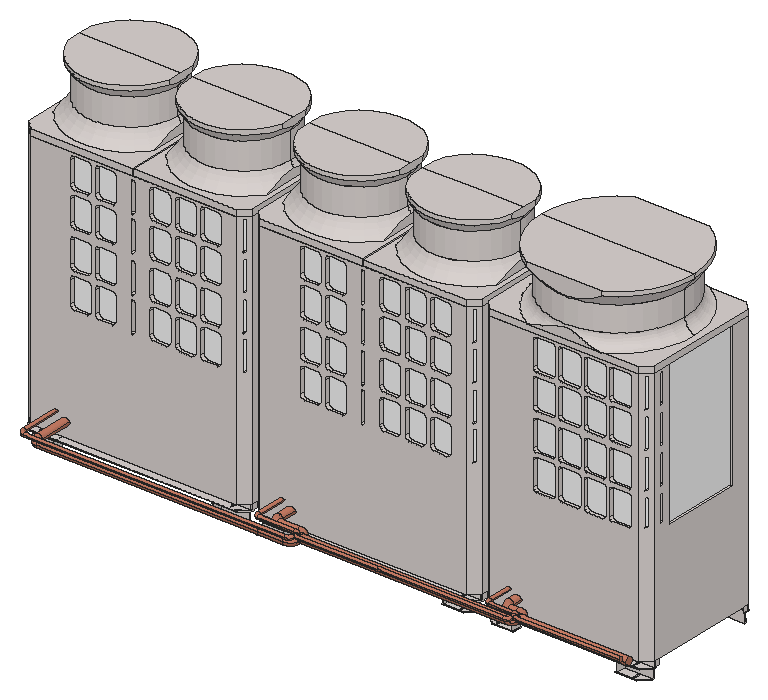
Revit family "PUHY-P950YSNW-A1", category Mechanical Equipment, Revit 2016
Family settings
  Part Type = Normal
  Round Connector Dimension = Use Radius
  OmniClass Number = 23.75.00.00
  OmniClass Title = Climate Control (HVAC)
  Work Plane-Based = No
  Always vertical = Yes
  Cut with Voids When Loaded = No
  Shared = No
  Room Calculation Point = No
Parameters (values of type "PUHY-P950YSNW-A1_380V_50Hz")
  Model = "PUHY-P950YSNW-A1"
  Width = 3460.000 mm
  WarrantyStart = ""
  Voltage = 380 V
  Unit Weight (kg) = 767
  URL = "http://www.mitsubishielectric.com/"
  Temp. range of heating (Outdoor temp.) (W.B.) = "-20.0 to 15.5"
  Temp. range of heating (Indoor temp.) (D.B.) = "15.0 to 27.0"
  Temp. range of cooling (Outdoor temp.) (D.B.) = "-5.0 to 52.0"
  Temp. range of cooling (Indoor temp.) (W.B.) = "15.0 to 24.0"
  TagNumber = 0
  Subcategory = "HVAC"
  Space View = yes
  Sound Pressure Level (dB(A)) Heating mode = 68
  Sound Pressure Level (dB(A)) Cooling mode = 66
  SerialNumber = 0
  ReplacementYear = ""
  Refrigerant type = "R410A"
  Refrigerant Charge (kg) = 26.1
  Protection Devices_Inverter circuit (COMP./FAN) = "Over-current protection"
  Protection Devices_High pressure (MPa) = "High pressure sensor, High pressure switch at 4.15"
  Phase = 3
  Manufacturer = "Mitsubishi Electric Corporation"
  Outdoor unit 3 Breaker size (A) = 30
  Outdoor unit 3 = PUHY-P250YNW-A1 : PUHY-P250YNW-A1
  Outdoor unit 2 Breaker size (A) = 40
  Outdoor unit 2 = PUHY-P350YNW-A1 : PUHY-P350YNW-A1
  Outdoor unit 1 Breaker size (A) = 40
  Outdoor unit 1 = PUHY-P350YNW-A1 : PUHY-P350YNW-A1
  Note_1 = "Refrigerant pipe diameters may change depending on the installation condition. Please refer to the installation manual."
  Maximum Circuit Ampacity (A) = 70.6
  Liquid pipe_radius = 9.525 mm
  InstallationDate = ""
  Indoor Unit Total Capacity = "50 to 130% of outdoor unit capacity"
  Indoor Unit Model/Quantity = "P10 to P250/2 to 50"
  Hertz = 50 Hz
  Height = 1858.000 mm
  Heating SCOP (kW/kW) = 4.09
  Heating Rated Load Ampacity (A) = 47.9
  Heating Power Input (kW) = 28.38
  Heating Power Input (Nominal) (kW) = 24.1
  Heating Current Input (Nominal) (A) = 40.6
  Heating Current Input (A) = 47.9
  Heating Capacity (kW) = 119.5
  Heating Capacity (Nominal) (kW) = 108
  Heating COP (kW/kW) = 4.21
  Heating COP (Nominal) (kW/kW) = 4.48
  Gas pipe_radius = 20.640 mm
  Fan_Type = "Propeller Fan"
  Fan_Quantity = 5
  Fan Motor Output (kW) = 2.76
  External static pressure (Pa) = 0
  External Finish = "Pre-coated galvanized steel sheets (+powder coating for -BS type) <MUNSELL 3Y 7.8/1.1 or similar>"
  Equip_description = ""
  Equip_No. = 0
  Equip_ID = ""
  Description = ""
  Depth = 740.000 mm
  CreatedOn = ""
  CreatedBy = ""
  Cooling SEER (kW/kW) = 6.72
  Cooling Rated Load Ampacity (A) = 50.6
  Cooling Power Input (kW) = 30
  Cooling EER (kW/kW) = 3.6
  Cooling Current Input (A) = 50.6
  Cooling Capacity (kW) = 108
  Compressor_Type = "Inverter scroll hermetic compressor"
  Compressor_Quantity = 3
  Compressor_Lubricant = "MEL32"
  Compressor Motor Output (kW) = 22.5
  Category = ""
  Barcode = ""
  AssetIdentifier = ""
  Airflow Rate (m3/min) = 725
  Airflow Rate (m3/h) = 43500
Reference planes
  plane 1 "Center (Front/Back)": y = 0
  plane 2: z = 0
  plane 3 "Center (Left/Right)": x = -160
  plane 4: z = 1710
  plane 5: z = 60
  plane 6: y = 370
  plane 7 "front": y = -370
  plane 8: x = -1890
  plane 9: x = 1570
  plane 10: x = -620
  plane 11: x = 620
  plane 12: x = -650
  plane 13: x = 650
  plane 14: y = 370
  plane 15: y = -370
  plane 16: z = 1858
Forms (mm)
  Sweep 1, solid, material "Copper"
    path origin (137.855, 17.925, 207.255) x (0, -1, 0) y (1, 0, 0)
      loop
        line (380, -1839.039) -> (605, -1839.039)
        arc (605, -1839.039) -> (626.213, -1830.253) -> (635, -1809.039) r 30
        line (635, -1809.039) -> (635, -368.337)
        arc (635, -368.337) -> (629.142, -354.195) -> (615, -348.337) r 20
        line (615, -348.337) -> (590, -348.337)
        arc (590, -348.337) -> (575.858, -354.195) -> (570, -368.337) r 20
        line (570, -368.337) -> (570, -568.337)
        arc (570, -568.337) -> (564.142, -582.479) -> (550, -588.337) r 20
        line (550, -588.337) -> (380, -588.337)
    profile origin (-1701.184, -474.575, 207.255) x (1, 0, 0) y (0, 0, 1)
      loop
        circle (0, 0) r 9.525
  Sweep 2, solid, material "Copper"
    path origin (111.295, 17.925, 173.255) x (-1, 0, 0) y (0, -1, 0)
      loop
        line (1758.141, 380) -> (1758.141, 575)
        arc (1758.141, 575) -> (1747.889, 599.749) -> (1723.141, 610) r 35
        line (1723.141, 610) -> (502, 610) -> (364.723, 610)
        arc (364.723, 610) -> (339.974, 599.749) -> (329.723, 575) r 35
        line (329.723, 575) -> (329.723, 545)
        arc (329.723, 545) -> (339.974, 520.251) -> (364.723, 510) r 35
        line (364.723, 510) -> (475.673, 510)
        arc (475.673, 510) -> (500.421, 499.749) -> (510.673, 475) r 35
        line (510.673, 475) -> (510.673, 380)
    profile origin (-1646.846, -459.575, 173.255) x (1, 0, 0) y (0, 0, 1)
      loop
        circle (0, 0) r 20.64
  Sweep 3, solid, material "Copper"
    path origin (214.685, 17.925, 207.255) x (0, -1, 0) y (1, 0, 0)
      loop
        line (605, -426.689) -> (605, 43.311) -> (605, 737.327)
        arc (605, 737.327) -> (599.142, 751.469) -> (585, 757.327) r 20
        line (585, 757.327) -> (560.96, 757.327)
        arc (560.96, 757.327) -> (546.818, 751.469) -> (540.96, 737.327) r 20
        line (540.96, 737.327) -> (540.96, 607.327)
        arc (540.96, 607.327) -> (535.102, 593.185) -> (520.96, 587.327) r 20
        line (520.96, 587.327) -> (380, 587.327)
    profile origin (22.996, -587.075, 207.255) x (0, 1, 0) y (0, 0, 1)
      loop
        circle (0, 0) r 9.525
  Sweep 4, solid, material "Copper"
    path origin (188.125, 17.925, 173.255) x (-1, 0, 0) y (0, -1, 0)
      loop
        line (406.853, 555.96) -> (-741.149, 555.96)
        arc (-741.149, 555.96) -> (-765.897, 545.709) -> (-776.149, 520.96) r 35
        line (-776.149, 520.96) -> (-776.149, 510)
        arc (-776.149, 510) -> (-765.897, 485.251) -> (-741.149, 475) r 35
        line (-741.149, 475) -> (-696.149, 475)
        arc (-696.149, 475) -> (-671.4, 464.749) -> (-661.149, 440) r 35
        line (-661.149, 440) -> (-661.149, 380)
    profile origin (355.273, -538.035, 173.255) x (0, 1, 0) y (0, 0, 1)
      loop
        circle (0, 0) r 20.64
  Sweep 5, solid, material "Copper"
    path origin (114.685, 17.925, 207.255) x (0, -1, 0) y (1, 0, 0)
      loop
        line (572.806, 865.315) -> (572.806, 1455.315)
    profile origin (1275, -554.881, 207.255) x (0, 1, 0) y (0, 0, 1)
      loop
        circle (0, 0) r 9.525
  Sweep 6, solid, material "Copper"
    path origin (88.125, 17.925, 173.255) x (-1, 0, 0) y (0, -1, 0)
      loop
        line (-886.875, 515.995) -> (-1481.875, 515.995)
    profile origin (1272.5, -498.07, 173.255) x (0, 1, 0) y (0, 0, 1)
      loop
        circle (0, 0) r 20.64
Dimensions and locks
  nested 2 to nested 1 = 30.000 mm
  nested 1 to nested 3 = 30.000 mm
  nested 1 to nested 1 = 1240.000 mm
  nested 2 to nested 2 = 1240.000 mm
  nested 3 to nested 3 = 920.000 mm
  "Liquid pipe_radius": radius of Sweep 5 sketch curve
  "Gas pipe_radius": radius of Sweep 6 sketch curve
  aligned and locked: level to plane 2
Automatic sketch dimensions
  Sweep 1 sketch curve to plane 7 "front" = 7.925 mm  (x2)
  plane 7 "front" to Sweep 1 sketch curve = 162.075 mm
  Sweep 1 sketch curve to plane 3 "Center (Left/Right)" = 70.482 mm
  Sweep 1 sketch curve to Sweep 1 sketch curve = 20.000 mm
  Sweep 1 sketch curve to plane 3 "Center (Left/Right)" = 50.482 mm
  plane 7 "front" to Sweep 1 sketch curve = 217.075 mm
  Sweep 1 sketch curve to Sweep 1 sketch curve = 25.000 mm
  Sweep 1 sketch curve to Sweep 1 sketch curve = 30.000 mm
  Sweep 1 sketch curve to plane 3 "Center (Left/Right)" = 270.482 mm
  profile plane to Sweep 1 sketch curve = 0.000 mm
  Sweep 1 sketch curve to profile plane = 0.000 mm
  Sweep 2 sketch curve to plane 3 "Center (Left/Right)" = 58.427 mm
  Sweep 2 sketch curve to plane 3 "Center (Left/Right)" = 93.427 mm  (x2)
  Sweep 2 sketch curve to plane 3 "Center (Left/Right)" = 204.377 mm
  Sweep 2 sketch curve to plane 3 "Center (Left/Right)" = 230.705 mm
  Sweep 2 sketch curve to Sweep 2 sketch curve = 35.000 mm  (x2)
  plane 7 "front" to Sweep 2 sketch curve = 222.075 mm
  Sweep 2 sketch curve to Sweep 2 sketch curve = 30.000 mm
  Sweep 2 sketch curve to plane 7 "front" = 7.925 mm  (x2)
  profile plane to Sweep 2 sketch curve = 0.000 mm
  Sweep 2 sketch curve to profile plane = 0.000 mm
  Sweep 3 sketch curve to profile plane = 0.000 mm  (x2)
  plane 7 "front" to Sweep 4 sketch curve = 122.075 mm
  plane 7 "front" to Sweep 4 sketch curve = 87.075 mm
  Sweep 4 sketch curve to Sweep 4 sketch curve = 0.000 mm
  Sweep 4 sketch curve to Sweep 4 sketch curve = 45.000 mm
  plane 7 "front" to Sweep 4 sketch curve = 52.075 mm
  Sweep 4 sketch curve to plane 3 "Center (Left/Right)" = 58.728 mm
  Sweep 4 sketch curve to Sweep 4 sketch curve = 60.000 mm
  Sweep 4 sketch curve to Sweep 4 sketch curve = 10.960 mm
  Sweep 4 sketch curve to profile plane = 0.000 mm  (x2)
  Sweep 3 sketch curve to plane 7 "front" = 7.925 mm
  plane 7 "front" to Sweep 3 sketch curve = 133.035 mm
  Sweep 3 sketch curve to Sweep 3 sketch curve = 20.000 mm  (x2)
  Sweep 3 sketch curve to Sweep 3 sketch curve = 24.040 mm
  plane 7 "front" to Sweep 3 sketch curve = 217.075 mm
  Sweep 3 sketch curve to plane 3 "Center (Left/Right)" = 52.004 mm
  Sweep 3 sketch curve to Sweep 3 sketch curve = 470.000 mm
  Sweep 3 sketch curve to Sweep 3 sketch curve = 544.016 mm
  Sweep 3 sketch curve to Sweep 3 sketch curve = 130.000 mm
  Sweep 1 sketch curve to Sweep 1 sketch curve = 1220.702 mm
  Sweep 2 sketch curve to Sweep 2 sketch curve = 1212.468 mm
  Sweep 4 sketch curve to Sweep 4 sketch curve = 1068.002 mm
  Sweep 5 sketch curve to plane 9 = 0.000 mm
  plane 7 "front" to Sweep 5 sketch curve = 184.881 mm
  plane 13 to Sweep 5 sketch curve = 330.000 mm
  Sweep 6 sketch curve to plane 9 = 0.000 mm
  plane 7 "front" to Sweep 6 sketch curve = 128.070 mm
  plane 13 to Sweep 6 sketch curve = 325.000 mm
  Sweep 5 sketch curve to profile plane = 0.000 mm  (x2)
  Sweep 6 sketch curve to profile plane = 0.000 mm  (x2)
  radius of Sweep 1 sketch curve = 9.525 mm
  radius of Sweep 2 sketch curve = 20.640 mm
  radius of Sweep 3 sketch curve = 9.525 mm
  radius of Sweep 4 sketch curve = 20.640 mm
Nested families
  nested 1: "PUHY-P350YNW-A1" at (0, 0, 0), type <- "Outdoor unit 2", type "PUHY-P350YNW-A1"
  nested 2: "PUHY-P350YNW-A1" at (-1270, 0, 0), type <- "Outdoor unit 1", type "PUHY-P350YNW-A1"
  nested 3: "PUHY-P250YNW-A1" at (1110, 0, 0), type <- "Outdoor unit 3", type "PUHY-P250YNW-A1"
Connectors
  piping at (1570, -498.07, 173.255), diameter 41.28, driven by "Gas pipe_radius"
    settings: on Sweep 6, index 1, connector inside diameter 41.28 mm, connector length 0.000 mm, flow factor 0, pipe flow 0.0 L/s, pressure drop 0.0 Pa, fitting loss kfactor 0, connector angle 0.00°, fixture units 0, engagement length 0.000 mm, angle of deflection 0.00°, flow configuration 0, flow direction 0, fitting loss method 0, system type 22, joint type 0, gender type 0, connector reference index -1, connector utility 0, adjustable connector no, is connector primary yes, connector description "Indoor unit-Twinning pipe(Gas)"
  piping at (1570, -554.881, 207.255), diameter 19.05, driven by "Liquid pipe_radius"
    settings: on Sweep 5, index 2, connector inside diameter 19.05 mm, connector length 0.000 mm, flow factor 0, pipe flow 0.0 L/s, pressure drop 0.0 Pa, fitting loss kfactor 0, connector angle 0.00°, fixture units 0, engagement length 0.000 mm, angle of deflection 0.00°, flow configuration 0, flow direction 0, fitting loss method 0, system type 22, joint type 0, gender type 0, connector reference index -1, connector utility 0, adjustable connector no, is connector primary no, connector description "Indoor unit-Twinning pipe(Liquid)"
  electrical at (992, -370, 279), driven by "Phase", driven by "Voltage"
    settings: index 3, voltage 380 V, apparent load 0 VA, apparent load phase1 0 VA, apparent load phase2 0 VA, apparent load phase3 0 VA, power factor 1, load classification "HVAC", number of poles 3, system type 30, power factor state 1, is connector primary yes, connector utility no, sub classification motor no, connector description ""
  electrical at (-258, -370, 279), driven by "Phase", driven by "Voltage"
    settings: index 4, voltage 380 V, apparent load 0 VA, apparent load phase1 0 VA, apparent load phase2 0 VA, apparent load phase3 0 VA, power factor 1, load classification "HVAC", number of poles 3, system type 30, power factor state 1, is connector primary no, connector utility no, sub classification motor no, connector description ""
  electrical at (-1508, -370, 279), driven by "Phase", driven by "Voltage"
    settings: index 5, voltage 380 V, apparent load 0 VA, apparent load phase1 0 VA, apparent load phase2 0 VA, apparent load phase3 0 VA, power factor 1, load classification "HVAC", number of poles 3, system type 30, power factor state 1, is connector primary no, connector utility no, sub classification motor no, connector description ""
Definition of nested family "PUHY-P350YNW-A1"
  Parameters
    Model = "PUHY-P350YNW-A"
    URL = "http://www.mitsubishielectric.com/"
    Manufacturer = "Mitsubishi Electric Corporation"
    Liquid pipe_radius = 12.700 mm
    Gas pipe_radius = 14.290 mm
  Reference planes
    plane 1 "Center (Front/Back)": y = 0
    plane 2: z = 0
    plane 3 "Center (Left/Right)": x = 0
    plane 4: y = 370
    plane 5: z = 1858
    plane 6: y = -260
    plane 7: y = -204
    plane 8: y = -185
    plane 9: x = -620
    plane 10: x = 620
    plane 11: x = -620
    plane 12: z = 716
    plane 13: x = -524
    plane 14: z = 669
    plane 15: x = -50.5
    plane 16: x = 51
    plane 17: x = 489
    plane 18: x = 467
    plane 19 "132": x = 488
    plane 20 "100": z = 160
    plane 21: z = 185
    plane 22: x = 413
    plane 23: x = 364
    plane 24: z = 150
    plane 25: x = -287.25
    plane 26: x = -137.25
    plane 27: x = -272.25
    plane 28: y = -278
    plane 29: z = 1509
    plane 30: y = -370
    plane 31: x = -530
    plane 32: x = 530
    plane 33 "179": y = -191
  Forms (mm)
    Extrusion 1, solid
      sketch origin (-1, 0, 113) x (-1, 0, 0) y (0, -1, 0)
        loop
          line (569, -370) -> (619, -320) -> (619, 320) -> (569, 370) -> (-571, 370) -> (-621, 320) -> (-621, -320) -> (-571, -370) -> (569, -370)
      from -18 to 1408
    Extrusion 2, void
      sketch origin (524, -370, 113) x (1, 0, 0) y (0, 0, -1)
        loop
          arc (-60.8, -1393.5) -> (-42.557, -1385.943) -> (-35, -1367.7) r 25.8
          line (-35, -1367.7) -> (-35, -1248.5)
          arc (-35, -1248.5) -> (-42.557, -1230.257) -> (-60.8, -1222.7) r 25.8
          line (-60.8, -1222.7) -> (-126, -1222.7)
          arc (-126, -1222.7) -> (-144.243, -1230.257) -> (-151.8, -1248.5) r 25.8
          line (-151.8, -1248.5) -> (-151.8, -1367.7)
          arc (-151.8, -1367.7) -> (-144.243, -1385.943) -> (-126, -1393.5) r 25.8
          line (-126, -1393.5) -> (-60.8, -1393.5)
      from 0 to 20
    Extrusion 3, void
      sketch origin (524, -370, -81) x (1, 0, 0) y (0, 0, -1)
        loop
          arc (-60.8, -1393.5) -> (-42.557, -1385.943) -> (-35, -1367.7) r 25.8
          line (-35, -1367.7) -> (-35, -1248.5)
          arc (-35, -1248.5) -> (-42.557, -1230.257) -> (-60.8, -1222.7) r 25.8
          line (-60.8, -1222.7) -> (-126, -1222.7)
          arc (-126, -1222.7) -> (-144.243, -1230.257) -> (-151.8, -1248.5) r 25.8
          line (-151.8, -1248.5) -> (-151.8, -1367.7)
          arc (-151.8, -1367.7) -> (-144.243, -1385.943) -> (-126, -1393.5) r 25.8
          line (-126, -1393.5) -> (-60.8, -1393.5)
      from 0 to 20
    Extrusion 4, void
      sketch origin (524, -370, -287) x (1, 0, 0) y (0, 0, -1)
        loop
          arc (-60.8, -1393.5) -> (-42.557, -1385.943) -> (-35, -1367.7) r 25.8
          line (-35, -1367.7) -> (-35, -1248.5)
          arc (-35, -1248.5) -> (-42.557, -1230.257) -> (-60.8, -1222.7) r 25.8
          line (-60.8, -1222.7) -> (-126, -1222.7)
          arc (-126, -1222.7) -> (-144.243, -1230.257) -> (-151.8, -1248.5) r 25.8
          line (-151.8, -1248.5) -> (-151.8, -1367.7)
          arc (-151.8, -1367.7) -> (-144.243, -1385.943) -> (-126, -1393.5) r 25.8
          line (-126, -1393.5) -> (-60.8, -1393.5)
      from 0 to 20
    Extrusion 5, void
      sketch origin (524, -370, -481) x (1, 0, 0) y (0, 0, -1)
        loop
          arc (-60.8, -1393.5) -> (-42.557, -1385.943) -> (-35, -1367.7) r 25.8
          line (-35, -1367.7) -> (-35, -1248.5)
          arc (-35, -1248.5) -> (-42.557, -1230.257) -> (-60.8, -1222.7) r 25.8
          line (-60.8, -1222.7) -> (-126, -1222.7)
          arc (-126, -1222.7) -> (-144.243, -1230.257) -> (-151.8, -1248.5) r 25.8
          line (-151.8, -1248.5) -> (-151.8, -1367.7)
          arc (-151.8, -1367.7) -> (-144.243, -1385.943) -> (-126, -1393.5) r 25.8
          line (-126, -1393.5) -> (-60.8, -1393.5)
      from 0 to 20
    Extrusion 6, void
      sketch origin (384, -370, 113) x (1, 0, 0) y (0, 0, -1)
        loop
          arc (-60.8, -1393.5) -> (-42.557, -1385.943) -> (-35, -1367.7) r 25.8
          line (-35, -1367.7) -> (-35, -1248.5)
          arc (-35, -1248.5) -> (-42.557, -1230.257) -> (-60.8, -1222.7) r 25.8
          line (-60.8, -1222.7) -> (-126, -1222.7)
          arc (-126, -1222.7) -> (-144.243, -1230.257) -> (-151.8, -1248.5) r 25.8
          line (-151.8, -1248.5) -> (-151.8, -1367.7)
          arc (-151.8, -1367.7) -> (-144.243, -1385.943) -> (-126, -1393.5) r 25.8
          line (-126, -1393.5) -> (-60.8, -1393.5)
      from 0 to 20
    Extrusion 7, void
      sketch origin (384, -370, -81) x (1, 0, 0) y (0, 0, -1)
        loop
          arc (-60.8, -1393.5) -> (-42.557, -1385.943) -> (-35, -1367.7) r 25.8
          line (-35, -1367.7) -> (-35, -1248.5)
          arc (-35, -1248.5) -> (-42.557, -1230.257) -> (-60.8, -1222.7) r 25.8
          line (-60.8, -1222.7) -> (-126, -1222.7)
          arc (-126, -1222.7) -> (-144.243, -1230.257) -> (-151.8, -1248.5) r 25.8
          line (-151.8, -1248.5) -> (-151.8, -1367.7)
          arc (-151.8, -1367.7) -> (-144.243, -1385.943) -> (-126, -1393.5) r 25.8
          line (-126, -1393.5) -> (-60.8, -1393.5)
      from 0 to 20
    Extrusion 8, void
      sketch origin (384, -370, -287) x (1, 0, 0) y (0, 0, -1)
        loop
          arc (-60.8, -1393.5) -> (-42.557, -1385.943) -> (-35, -1367.7) r 25.8
          line (-35, -1367.7) -> (-35, -1248.5)
          arc (-35, -1248.5) -> (-42.557, -1230.257) -> (-60.8, -1222.7) r 25.8
          line (-60.8, -1222.7) -> (-126, -1222.7)
          arc (-126, -1222.7) -> (-144.243, -1230.257) -> (-151.8, -1248.5) r 25.8
          line (-151.8, -1248.5) -> (-151.8, -1367.7)
          arc (-151.8, -1367.7) -> (-144.243, -1385.943) -> (-126, -1393.5) r 25.8
          line (-126, -1393.5) -> (-60.8, -1393.5)
      from 0 to 20
    Extrusion 9, void
      sketch origin (384, -370, -481) x (1, 0, 0) y (0, 0, -1)
        loop
          arc (-60.8, -1393.5) -> (-42.557, -1385.943) -> (-35, -1367.7) r 25.8
          line (-35, -1367.7) -> (-35, -1248.5)
          arc (-35, -1248.5) -> (-42.557, -1230.257) -> (-60.8, -1222.7) r 25.8
          line (-60.8, -1222.7) -> (-126, -1222.7)
          arc (-126, -1222.7) -> (-144.243, -1230.257) -> (-151.8, -1248.5) r 25.8
          line (-151.8, -1248.5) -> (-151.8, -1367.7)
          arc (-151.8, -1367.7) -> (-144.243, -1385.943) -> (-126, -1393.5) r 25.8
          line (-126, -1393.5) -> (-60.8, -1393.5)
      from 0 to 20
    Extrusion 10, void
      sketch origin (244, -370, 113) x (1, 0, 0) y (0, 0, -1)
        loop
          arc (-60.8, -1393.5) -> (-42.557, -1385.943) -> (-35, -1367.7) r 25.8
          line (-35, -1367.7) -> (-35, -1248.5)
          arc (-35, -1248.5) -> (-42.557, -1230.257) -> (-60.8, -1222.7) r 25.8
          line (-60.8, -1222.7) -> (-126, -1222.7)
          arc (-126, -1222.7) -> (-144.243, -1230.257) -> (-151.8, -1248.5) r 25.8
          line (-151.8, -1248.5) -> (-151.8, -1367.7)
          arc (-151.8, -1367.7) -> (-144.243, -1385.943) -> (-126, -1393.5) r 25.8
          line (-126, -1393.5) -> (-60.8, -1393.5)
      from 0 to 20
    Extrusion 11, void
      sketch origin (244, -370, -81) x (1, 0, 0) y (0, 0, -1)
        loop
          arc (-60.8, -1393.5) -> (-42.557, -1385.943) -> (-35, -1367.7) r 25.8
          line (-35, -1367.7) -> (-35, -1248.5)
          arc (-35, -1248.5) -> (-42.557, -1230.257) -> (-60.8, -1222.7) r 25.8
          line (-60.8, -1222.7) -> (-126, -1222.7)
          arc (-126, -1222.7) -> (-144.243, -1230.257) -> (-151.8, -1248.5) r 25.8
          line (-151.8, -1248.5) -> (-151.8, -1367.7)
          arc (-151.8, -1367.7) -> (-144.243, -1385.943) -> (-126, -1393.5) r 25.8
          line (-126, -1393.5) -> (-60.8, -1393.5)
      from 0 to 20
    Extrusion 12, void
      sketch origin (244, -370, -287) x (1, 0, 0) y (0, 0, -1)
        loop
          arc (-60.8, -1393.5) -> (-42.557, -1385.943) -> (-35, -1367.7) r 25.8
          line (-35, -1367.7) -> (-35, -1248.5)
          arc (-35, -1248.5) -> (-42.557, -1230.257) -> (-60.8, -1222.7) r 25.8
          line (-60.8, -1222.7) -> (-126, -1222.7)
          arc (-126, -1222.7) -> (-144.243, -1230.257) -> (-151.8, -1248.5) r 25.8
          line (-151.8, -1248.5) -> (-151.8, -1367.7)
          arc (-151.8, -1367.7) -> (-144.243, -1385.943) -> (-126, -1393.5) r 25.8
          line (-126, -1393.5) -> (-60.8, -1393.5)
      from 0 to 20
    Extrusion 13, void
      sketch origin (244, -370, -481) x (1, 0, 0) y (0, 0, -1)
        loop
          arc (-60.8, -1393.5) -> (-42.557, -1385.943) -> (-35, -1367.7) r 25.8
          line (-35, -1367.7) -> (-35, -1248.5)
          arc (-35, -1248.5) -> (-42.557, -1230.257) -> (-60.8, -1222.7) r 25.8
          line (-60.8, -1222.7) -> (-126, -1222.7)
          arc (-126, -1222.7) -> (-144.243, -1230.257) -> (-151.8, -1248.5) r 25.8
          line (-151.8, -1248.5) -> (-151.8, -1367.7)
          arc (-151.8, -1367.7) -> (-144.243, -1385.943) -> (-126, -1393.5) r 25.8
          line (-126, -1393.5) -> (-60.8, -1393.5)
      from 0 to 20
    Extrusion 14, void
      sketch origin (-56, -370, 113) x (1, 0, 0) y (0, 0, -1)
        loop
          arc (-60.8, -1393.5) -> (-42.557, -1385.943) -> (-35, -1367.7) r 25.8
          line (-35, -1367.7) -> (-35, -1248.5)
          arc (-35, -1248.5) -> (-42.557, -1230.257) -> (-60.8, -1222.7) r 25.8
          line (-60.8, -1222.7) -> (-126, -1222.7)
          arc (-126, -1222.7) -> (-144.243, -1230.257) -> (-151.8, -1248.5) r 25.8
          line (-151.8, -1248.5) -> (-151.8, -1367.7)
          arc (-151.8, -1367.7) -> (-144.243, -1385.943) -> (-126, -1393.5) r 25.8
          line (-126, -1393.5) -> (-60.8, -1393.5)
      from 0 to 20
    Extrusion 15, void
      sketch origin (-56, -370, -81) x (1, 0, 0) y (0, 0, -1)
        loop
          arc (-60.8, -1393.5) -> (-42.557, -1385.943) -> (-35, -1367.7) r 25.8
          line (-35, -1367.7) -> (-35, -1248.5)
          arc (-35, -1248.5) -> (-42.557, -1230.257) -> (-60.8, -1222.7) r 25.8
          line (-60.8, -1222.7) -> (-126, -1222.7)
          arc (-126, -1222.7) -> (-144.243, -1230.257) -> (-151.8, -1248.5) r 25.8
          line (-151.8, -1248.5) -> (-151.8, -1367.7)
          arc (-151.8, -1367.7) -> (-144.243, -1385.943) -> (-126, -1393.5) r 25.8
          line (-126, -1393.5) -> (-60.8, -1393.5)
      from 0 to 20
    Extrusion 16, void
      sketch origin (-56, -370, -287) x (1, 0, 0) y (0, 0, -1)
        loop
          arc (-60.8, -1393.5) -> (-42.557, -1385.943) -> (-35, -1367.7) r 25.8
          line (-35, -1367.7) -> (-35, -1248.5)
          arc (-35, -1248.5) -> (-42.557, -1230.257) -> (-60.8, -1222.7) r 25.8
          line (-60.8, -1222.7) -> (-126, -1222.7)
          arc (-126, -1222.7) -> (-144.243, -1230.257) -> (-151.8, -1248.5) r 25.8
          line (-151.8, -1248.5) -> (-151.8, -1367.7)
          arc (-151.8, -1367.7) -> (-144.243, -1385.943) -> (-126, -1393.5) r 25.8
          line (-126, -1393.5) -> (-60.8, -1393.5)
      from 0 to 20
    Extrusion 17, void
      sketch origin (-56, -370, -481) x (1, 0, 0) y (0, 0, -1)
        loop
          arc (-60.8, -1393.5) -> (-42.557, -1385.943) -> (-35, -1367.7) r 25.8
          line (-35, -1367.7) -> (-35, -1248.5)
          arc (-35, -1248.5) -> (-42.557, -1230.257) -> (-60.8, -1222.7) r 25.8
          line (-60.8, -1222.7) -> (-126, -1222.7)
          arc (-126, -1222.7) -> (-144.243, -1230.257) -> (-151.8, -1248.5) r 25.8
          line (-151.8, -1248.5) -> (-151.8, -1367.7)
          arc (-151.8, -1367.7) -> (-144.243, -1385.943) -> (-126, -1393.5) r 25.8
          line (-126, -1393.5) -> (-60.8, -1393.5)
      from 0 to 20
    Extrusion 18, void
      sketch origin (-196, -370, 113) x (1, 0, 0) y (0, 0, -1)
        loop
          arc (-60.8, -1393.5) -> (-42.557, -1385.943) -> (-35, -1367.7) r 25.8
          line (-35, -1367.7) -> (-35, -1248.5)
          arc (-35, -1248.5) -> (-42.557, -1230.257) -> (-60.8, -1222.7) r 25.8
          line (-60.8, -1222.7) -> (-126, -1222.7)
          arc (-126, -1222.7) -> (-144.243, -1230.257) -> (-151.8, -1248.5) r 25.8
          line (-151.8, -1248.5) -> (-151.8, -1367.7)
          arc (-151.8, -1367.7) -> (-144.243, -1385.943) -> (-126, -1393.5) r 25.8
          line (-126, -1393.5) -> (-60.8, -1393.5)
      from 0 to 20
    Extrusion 19, void
      sketch origin (-196, -370, -81) x (1, 0, 0) y (0, 0, -1)
        loop
          arc (-60.8, -1393.5) -> (-42.557, -1385.943) -> (-35, -1367.7) r 25.8
          line (-35, -1367.7) -> (-35, -1248.5)
          arc (-35, -1248.5) -> (-42.557, -1230.257) -> (-60.8, -1222.7) r 25.8
          line (-60.8, -1222.7) -> (-126, -1222.7)
          arc (-126, -1222.7) -> (-144.243, -1230.257) -> (-151.8, -1248.5) r 25.8
          line (-151.8, -1248.5) -> (-151.8, -1367.7)
          arc (-151.8, -1367.7) -> (-144.243, -1385.943) -> (-126, -1393.5) r 25.8
          line (-126, -1393.5) -> (-60.8, -1393.5)
      from 0 to 20
    Extrusion 20, void
      sketch origin (-196, -370, -287) x (1, 0, 0) y (0, 0, -1)
        loop
          arc (-60.8, -1393.5) -> (-42.557, -1385.943) -> (-35, -1367.7) r 25.8
          line (-35, -1367.7) -> (-35, -1248.5)
          arc (-35, -1248.5) -> (-42.557, -1230.257) -> (-60.8, -1222.7) r 25.8
          line (-60.8, -1222.7) -> (-126, -1222.7)
          arc (-126, -1222.7) -> (-144.243, -1230.257) -> (-151.8, -1248.5) r 25.8
          line (-151.8, -1248.5) -> (-151.8, -1367.7)
          arc (-151.8, -1367.7) -> (-144.243, -1385.943) -> (-126, -1393.5) r 25.8
          line (-126, -1393.5) -> (-60.8, -1393.5)
      from 0 to 20
    Extrusion 21, void
      sketch origin (-196, -370, -481) x (1, 0, 0) y (0, 0, -1)
        loop
          arc (-60.8, -1393.5) -> (-42.557, -1385.943) -> (-35, -1367.7) r 25.8
          line (-35, -1367.7) -> (-35, -1248.5)
          arc (-35, -1248.5) -> (-42.557, -1230.257) -> (-60.8, -1222.7) r 25.8
          line (-60.8, -1222.7) -> (-126, -1222.7)
          arc (-126, -1222.7) -> (-144.243, -1230.257) -> (-151.8, -1248.5) r 25.8
          line (-151.8, -1248.5) -> (-151.8, -1367.7)
          arc (-151.8, -1367.7) -> (-144.243, -1385.943) -> (-126, -1393.5) r 25.8
          line (-126, -1393.5) -> (-60.8, -1393.5)
      from 0 to 20
    Extrusion 22, void
      sketch origin (620, 320, 113) x (0, 1, 0) y (0, 0, -1)
        loop
          line (-462.3, -1408) -> (-50.8, -1408) -> (-50.8, -612) -> (-462.3, -612) -> (-462.3, -1408)
      from 0 to 20
    Extrusion 23, void
      sketch origin (-620, -320, 113) x (0, -1, 0) y (0, 0, -1)
        loop
          line (-535.7, -1408) -> (-207.7, -1408) -> (-207.7, -592) -> (-535.7, -592) -> (-535.7, -1408)
      from 0 to 20
    Extrusion 24, void
      sketch origin (194.892, 370, 113) x (-1, 0, 0) y (0, 0, -1)
        loop
          arc (204.892, -1225.013) -> (194.892, -1215.013) -> (184.892, -1225.013) r 10
          line (184.892, -1225.013) -> (184.892, -1379.987)
          arc (184.892, -1379.987) -> (194.892, -1389.987) -> (204.892, -1379.987) r 10
          line (204.892, -1379.987) -> (204.892, -1225.013)
        loop
          arc (204.892, -1031.013) -> (194.892, -1021.013) -> (184.892, -1031.013) r 10
          line (184.892, -1031.013) -> (184.892, -1185.987)
          arc (184.892, -1185.987) -> (194.892, -1195.987) -> (204.892, -1185.987) r 10
          line (204.892, -1185.987) -> (204.892, -1031.013)
        loop
          arc (204.892, -825.013) -> (194.892, -815.013) -> (184.892, -825.013) r 10
          line (184.892, -825.013) -> (184.892, -979.987)
          arc (184.892, -979.987) -> (194.892, -989.987) -> (204.892, -979.987) r 10
          line (204.892, -979.987) -> (204.892, -825.013)
        loop
          arc (204.892, -631.013) -> (194.892, -621.013) -> (184.892, -631.013) r 10
          line (184.892, -631.013) -> (184.892, -785.987)
          arc (184.892, -785.987) -> (194.892, -795.987) -> (204.892, -785.987) r 10
          line (204.892, -785.987) -> (204.892, -631.013)
      from 0 to 20
    Extrusion 25, void
      sketch origin (-570, 370, 113) x (0.707107, 0.707107, 0) y (0, 0, 1)
        loop
          arc (-45.355, 1236) -> (-35.355, 1226) -> (-25.355, 1236) r 10
          line (-25.355, 1236) -> (-25.355, 1386)
          arc (-25.355, 1386) -> (-35.355, 1396) -> (-45.355, 1386) r 10
          line (-45.355, 1386) -> (-45.355, 1236)
        loop
          arc (-45.355, 1036) -> (-35.355, 1026) -> (-25.355, 1036) r 10
          line (-25.355, 1036) -> (-25.355, 1186)
          arc (-25.355, 1186) -> (-35.355, 1196) -> (-45.355, 1186) r 10
          line (-45.355, 1186) -> (-45.355, 1036)
        loop
          arc (-45.355, 836) -> (-35.355, 826) -> (-25.355, 836) r 10
          line (-25.355, 836) -> (-25.355, 986)
          arc (-25.355, 986) -> (-35.355, 996) -> (-45.355, 986) r 10
          line (-45.355, 986) -> (-45.355, 836)
        loop
          arc (-45.355, 641) -> (-35.355, 631) -> (-25.355, 641) r 10
          line (-25.355, 641) -> (-25.355, 791)
          arc (-25.355, 791) -> (-35.355, 801) -> (-45.355, 791) r 10
          line (-45.355, 791) -> (-45.355, 641)
      from 0 to 20
    Extrusion 26, void
      sketch origin (-620, -320, 113) x (0, -1, 0) y (0, 0, -1)
        loop
          line (-607.846, -1035.895) -> (-607.846, -1186.105)
          arc (-607.846, -1186.105) -> (-597.846, -1196.105) -> (-587.846, -1186.105) r 10
          line (-587.846, -1186.105) -> (-587.846, -1035.895)
          arc (-587.846, -1035.895) -> (-597.846, -1025.895) -> (-607.846, -1035.895) r 10
        loop
          line (-607.846, -835.895) -> (-607.846, -986.105)
          arc (-607.846, -986.105) -> (-597.846, -996.105) -> (-587.846, -986.105) r 10
          line (-587.846, -986.105) -> (-587.846, -835.895)
          arc (-587.846, -835.895) -> (-597.846, -825.895) -> (-607.846, -835.895) r 10
        loop
          line (-607.846, -1235.895) -> (-607.846, -1386.105)
          arc (-607.846, -1386.105) -> (-597.846, -1396.105) -> (-587.846, -1386.105) r 10
          line (-587.846, -1386.105) -> (-587.846, -1235.895)
          arc (-587.846, -1235.895) -> (-597.846, -1225.895) -> (-607.846, -1235.895) r 10
        loop
          line (-607.846, -635.895) -> (-607.846, -786.105)
          arc (-607.846, -786.105) -> (-597.846, -796.105) -> (-587.846, -786.105) r 10
          line (-587.846, -786.105) -> (-587.846, -635.895)
          arc (-587.846, -635.895) -> (-597.846, -625.895) -> (-607.846, -635.895) r 10
      from 0 to 20
    Extrusion 27, void
      sketch origin (1079, -370, 113) x (1, 0, 0) y (0, 0, -1)
        loop
          arc (-1089, -1379.975) -> (-1079, -1389.975) -> (-1069, -1379.975) r 10
          line (-1069, -1379.975) -> (-1069, -1225)
          arc (-1069, -1225) -> (-1079, -1215) -> (-1089, -1225) r 10
          line (-1089, -1225) -> (-1089, -1379.975)
        loop
          arc (-1089, -1185.975) -> (-1079, -1195.975) -> (-1069, -1185.975) r 10
          line (-1069, -1185.975) -> (-1069, -1031)
          arc (-1069, -1031) -> (-1079, -1021) -> (-1089, -1031) r 10
          line (-1089, -1031) -> (-1089, -1185.975)
        loop
          arc (-1089, -979.975) -> (-1079, -989.975) -> (-1069, -979.975) r 10
          line (-1069, -979.975) -> (-1069, -825)
          arc (-1069, -825) -> (-1079, -815) -> (-1089, -825) r 10
          line (-1089, -825) -> (-1089, -979.975)
        loop
          arc (-1089, -785.975) -> (-1079, -795.975) -> (-1069, -785.975) r 10
          line (-1069, -785.975) -> (-1069, -631)
          arc (-1069, -631) -> (-1079, -621) -> (-1089, -631) r 10
          line (-1089, -631) -> (-1089, -785.975)
      from 0 to 20
    Extrusion 28, void
      sketch origin (-571, 370, 113) x (-1, 0, 0) y (0, 0, -1)
        loop
          line (-519.5, -1408) -> (-48, -1408) -> (-48, -556) -> (-519.5, -556) -> (-519.5, -1408)
      from 0 to 20
    Extrusion 29, void
      sketch origin (-571, 370, 113) x (-1, 0, 0) y (0, 0, -1)
        loop
          line (-1038, -1408) -> (-622, -1408) -> (-622, -556) -> (-1038, -556) -> (-1038, -1408)
      from 0 to 20
    Extrusion 30, void
      sketch origin (620, 320, 113) x (0, 1, 0) y (0, 0, -1)
        loop
          arc (-588, -1035.791) -> (-598, -1025.791) -> (-608, -1035.791) r 10
          line (-608, -1035.791) -> (-608, -1186)
          arc (-608, -1186) -> (-598, -1196) -> (-588, -1186) r 10
          line (-588, -1186) -> (-588, -1035.791)
        loop
          arc (-588, -835.791) -> (-598, -825.791) -> (-608, -835.791) r 10
          line (-608, -835.791) -> (-608, -986)
          arc (-608, -986) -> (-598, -996) -> (-588, -986) r 10
          line (-588, -986) -> (-588, -835.791)
        loop
          arc (-588, -1235.791) -> (-598, -1225.791) -> (-608, -1235.791) r 10
          line (-608, -1235.791) -> (-608, -1386)
          arc (-608, -1386) -> (-598, -1396) -> (-588, -1386) r 10
          line (-588, -1386) -> (-588, -1235.791)
        loop
          arc (-588, -635.791) -> (-598, -625.791) -> (-608, -635.791) r 10
          line (-608, -635.791) -> (-608, -786)
          arc (-608, -786) -> (-598, -796) -> (-588, -786) r 10
          line (-588, -786) -> (-588, -635.791)
      from 0 to 20
    Extrusion 31, void
      sketch origin (1291.751, 351.751, 113) x (0.707107, 0.707107, 0) y (0, 0, -1)
        loop
          line (-995.311, -1236) -> (-995.311, -1386)
          arc (-995.311, -1386) -> (-985.311, -1396) -> (-975.311, -1386) r 10
          line (-975.311, -1386) -> (-975.311, -1236)
          arc (-975.311, -1236) -> (-985.311, -1226) -> (-995.311, -1236) r 10
        loop
          line (-995.311, -1036) -> (-995.311, -1186)
          arc (-995.311, -1186) -> (-985.311, -1196) -> (-975.311, -1186) r 10
          line (-975.311, -1186) -> (-975.311, -1036)
          arc (-975.311, -1036) -> (-985.311, -1026) -> (-995.311, -1036) r 10
        loop
          line (-995.311, -836) -> (-995.311, -986)
          arc (-995.311, -986) -> (-985.311, -996) -> (-975.311, -986) r 10
          line (-975.311, -986) -> (-975.311, -836)
          arc (-975.311, -836) -> (-985.311, -826) -> (-995.311, -836) r 10
        loop
          line (-995.311, -641) -> (-995.311, -791)
          arc (-995.311, -791) -> (-985.311, -801) -> (-975.311, -791) r 10
          line (-975.311, -791) -> (-975.311, -641)
          arc (-975.311, -641) -> (-985.311, -631) -> (-995.311, -641) r 10
      from 0 to 20
    Extrusion 32, void
      sketch origin (0, -191, 0) x (-1, 0, 0) y (0, 0, 1)
        loop
          circle (460, 176) r 6.35
      from 0 to 78.7
    Extrusion 33, void
      sketch origin (0, -191, 0) x (-1, 0, 0) y (0, 0, 1)
        loop
          circle (377, 176) r 14.29
      from 0 to 78.7
  Cuts and joins
    Extrusion 2, Extrusion 3, Extrusion 4, Extrusion 5, Extrusion 6, Extrusion 7, Extrusion 8, Extrusion 9, Extrusion 10, Extrusion 11, Extrusion 12, Extrusion 13, Extrusion 14, Extrusion 15, Extrusion 16, Extrusion 17, Extrusion 18, Extrusion 19, Extrusion 20, Extrusion 21, Extrusion 22, Extrusion 23, Extrusion 24, Extrusion 25, Extrusion 26, Extrusion 27, Extrusion 28, Extrusion 29, Extrusion 30, Extrusion 31, Extrusion 32, Extrusion 33 cuts Extrusion 1
  Lines and regions (mm)
    model lines
      curve 1: line (-351, -291, 95) -> (-481, -291, 95)
      curve 2: line (-342, -206, 95) -> (-342, -282, 95)
      curve 3: line (-481, -197, 95) -> (-351, -197, 95)
      curve 4: line (-492, -280, 95) -> (-492, -208, 95)
      curve 5: arc (-492, -280, 95) -> (-488.778, -287.778, 95) -> (-481, -291, 95) r 11
      curve 6: arc (-351, -291, 95) -> (-344.636, -288.364, 95) -> (-342, -282, 95) r 9
      curve 7: arc (-342, -206, 95) -> (-344.636, -199.636, 95) -> (-351, -197, 95) r 9
      curve 8: arc (-481, -197, 95) -> (-488.778, -200.222, 95) -> (-492, -208, 95) r 11
      curve 9: line (-30, -370, 1521) -> (-30, -370, 95)
      curve 10: line (30, -370, 1521) -> (30, -370, 95)
      curve 11: line (-485, -370, 215) -> (-357, -370, 215)
      curve 12: line (-495, -370, 141) -> (-495, -370, 205)
      curve 13: line (-357, -370, 131) -> (-485, -370, 131)
      curve 14: line (-347, -370, 205) -> (-347, -370, 141)
      curve 15: arc (-485, -370, 215) -> (-492.071, -370, 212.071) -> (-495, -370, 205) r 10
      curve 16: arc (-495, -370, 141) -> (-492.071, -370, 133.929) -> (-485, -370, 131) r 10
      curve 17: arc (-357, -370, 131) -> (-349.929, -370, 133.929) -> (-347, -370, 141) r 10
      curve 18: arc (-347, -370, 205) -> (-349.929, -370, 212.071) -> (-357, -370, 215) r 10
      curve 19: line (-405, -370, 1521) -> (-405, -370, 716)
      curve 20: line (620, -162.3, 1521) -> (620, -162.3, 95)
      curve 21: line (620, 289.2, 1521) -> (620, 289.2, 95)
      curve 22: line (620, -162.3, 705) -> (620, 289.2, 705)
      curve 23: line (620, -162.3, 725) -> (620, 289.2, 725)
      curve 24: line (620, -76.8, 583) -> (620, 203.2, 583)
      curve 25: line (620, 203.2, 563) -> (620, -76.8, 563)
      curve 26: arc (620, -76.8, 583) -> (620, -83.871, 580.071) -> (620, -86.8, 573) r 10
      curve 27: arc (620, -76.8, 563) -> (620, -83.871, 565.929) -> (620, -86.8, 573) r 10
      curve 28: arc (620, 203.2, 583) -> (620, 210.271, 580.071) -> (620, 213.2, 573) r 10
      curve 29: arc (620, 203.2, 563) -> (620, 210.271, 565.929) -> (620, 213.2, 573) r 10
      curve 30: line (620, -76.8, 478) -> (620, 203.2, 478)
      curve 31: line (620, 203.2, 458) -> (620, -76.8, 458)
      curve 32: arc (620, -76.8, 478) -> (620, -83.871, 475.071) -> (620, -86.8, 468) r 10
      curve 33: arc (620, -76.8, 458) -> (620, -83.871, 460.929) -> (620, -86.8, 468) r 10
      curve 34: arc (620, 203.2, 478) -> (620, 210.271, 475.071) -> (620, 213.2, 468) r 10
      curve 35: arc (620, 203.2, 458) -> (620, 210.271, 460.929) -> (620, 213.2, 468) r 10
      curve 36: line (620, -76.8, 373) -> (620, 203.2, 373)
      curve 37: line (620, 203.2, 353) -> (620, -76.8, 353)
      curve 38: arc (620, -76.8, 373) -> (620, -83.871, 370.071) -> (620, -86.8, 363) r 10
      curve 39: arc (620, -76.8, 353) -> (620, -83.871, 355.929) -> (620, -86.8, 363) r 10
      curve 40: arc (620, 203.2, 373) -> (620, 210.271, 370.071) -> (620, 213.2, 363) r 10
      curve 41: arc (620, 203.2, 353) -> (620, 210.271, 355.929) -> (620, 213.2, 363) r 10
      curve 42: line (620, -76.8, 268) -> (620, 203.2, 268)
      curve 43: line (620, 203.2, 248) -> (620, -76.8, 248)
      curve 44: arc (620, -76.8, 268) -> (620, -83.871, 265.071) -> (620, -86.8, 258) r 10
      curve 45: arc (620, -76.8, 248) -> (620, -83.871, 250.929) -> (620, -86.8, 258) r 10
      curve 46: arc (620, 203.2, 268) -> (620, 210.271, 265.071) -> (620, 213.2, 258) r 10
      curve 47: arc (620, 203.2, 248) -> (620, 210.271, 250.929) -> (620, 213.2, 258) r 10
      curve 48: line (-620, -162.3, 1521) -> (-620, -162.3, 95)
      curve 49: line (-620, 235.7, 1521) -> (-620, 235.7, 95)
      curve 50: line (-620, -112.3, 1521) -> (-620, -112.3, 705)
      curve 51: line (-620, 215.7, 1521) -> (-620, 215.7, 705)
      curve 52: line (-620, 235.7, 705) -> (-620, -162.3, 705)
      curve 53: line (-620, 176.7, 268) -> (-620, -103.3, 268)
      curve 54: line (-620, -103.3, 248) -> (-620, 176.7, 248)
      curve 55: arc (-620, 186.7, 258) -> (-620, 183.771, 265.071) -> (-620, 176.7, 268) r 10
      curve 56: arc (-620, 176.7, 248) -> (-620, 183.771, 250.929) -> (-620, 186.7, 258) r 10
      curve 57: arc (-620, -103.3, 268) -> (-620, -110.371, 265.071) -> (-620, -113.3, 258) r 10
      curve 58: arc (-620, -113.3, 258) -> (-620, -110.371, 250.929) -> (-620, -103.3, 248) r 10
      curve 59: line (-620, 176.7, 373) -> (-620, -103.3, 373)
      curve 60: line (-620, -103.3, 353) -> (-620, 176.7, 353)
      curve 61: arc (-620, 186.7, 363) -> (-620, 183.771, 370.071) -> (-620, 176.7, 373) r 10
      curve 62: arc (-620, 176.7, 353) -> (-620, 183.771, 355.929) -> (-620, 186.7, 363) r 10
      curve 63: arc (-620, -103.3, 373) -> (-620, -110.371, 370.071) -> (-620, -113.3, 363) r 10
      curve 64: arc (-620, -113.3, 363) -> (-620, -110.371, 355.929) -> (-620, -103.3, 353) r 10
      curve 65: line (-620, 176.7, 478) -> (-620, -103.3, 478)
      curve 66: line (-620, -103.3, 458) -> (-620, 176.7, 458)
      curve 67: arc (-620, 186.7, 468) -> (-620, 183.771, 475.071) -> (-620, 176.7, 478) r 10
      curve 68: arc (-620, 176.7, 458) -> (-620, 183.771, 460.929) -> (-620, 186.7, 468) r 10
      curve 69: arc (-620, -103.3, 478) -> (-620, -110.371, 475.071) -> (-620, -113.3, 468) r 10
      curve 70: arc (-620, -113.3, 468) -> (-620, -110.371, 460.929) -> (-620, -103.3, 458) r 10
      curve 71: line (-620, 176.7, 583) -> (-620, -103.3, 583)
      curve 72: line (-620, -103.3, 563) -> (-620, 176.7, 563)
      curve 73: arc (-620, 186.7, 573) -> (-620, 183.771, 580.071) -> (-620, 176.7, 583) r 10
      curve 74: arc (-620, 176.7, 563) -> (-620, 183.771, 565.929) -> (-620, 186.7, 573) r 10
      curve 75: arc (-620, -103.3, 583) -> (-620, -110.371, 580.071) -> (-620, -113.3, 573) r 10
      curve 76: arc (-620, -113.3, 573) -> (-620, -110.371, 565.929) -> (-620, -103.3, 563) r 10
      curve 77: line (-544, 370, 1521) -> (-544, 370, 95)
      curve 78: line (489, 370, 649) -> (30, 370, 649)
      curve 79: line (-30.5, 370, 649) -> (-544, 370, 649)
      curve 80: line (-147.25, 370, 584) -> (-427.25, 370, 584)
      curve 81: line (-427.25, 370, 564) -> (-147.25, 370, 564)
      curve 82: arc (-137.25, 370, 574) -> (-140.179, 370, 581.071) -> (-147.25, 370, 584) r 10
      curve 83: arc (-147.25, 370, 564) -> (-140.179, 370, 566.929) -> (-137.25, 370, 574) r 10
      curve 84: arc (-427.25, 370, 584) -> (-434.321, 370, 581.071) -> (-437.25, 370, 574) r 10
      curve 85: arc (-437.25, 370, 574) -> (-434.321, 370, 566.929) -> (-427.25, 370, 564) r 10
      curve 86: circle (448, -185, 1521) r 15 normal (0, 0, 1)
      curve 87: circle (468, -185, 95) r 26 normal (0, 0, 1)
      curve 88: circle (448, -260, 95) r 32.5 normal (0, 0, 1)
      curve 89: circle (404, -204, 95) r 17 normal (0, 0, 1)
      curve 90: line (-550, -370, 1521) -> (-550, -370, 95)
      curve 91: line (-550, -370, 716) -> (-30, -370, 716)
      curve 92: line (550, -370, 95) -> (550, -370, 1521)
      curve 93: line (30, -370, 716) -> (550, -370, 716)
      curve 94: line (-30.5, 370, 1521) -> (-30.5, 370, 95)
      curve 95: line (30, 370, 1521) -> (30, 370, 95)
      curve 96: line (489, 370, 1521) -> (489, 370, 95)
      curve 97: line (467, 370, 669) -> (467, 370, 649)
      curve 98: line (-352, -370, 223) -> (-550, -370, 223)
      curve 99: line (-342, -370, 213) -> (-342, -370, 95)
      curve 100: arc (-342, -370, 213) -> (-344.929, -370, 220.071) -> (-352, -370, 223) r 10
      curve 101: circle (488, -370, 160) r 32.5 normal (0, -1, 0)
      curve 102: circle (488, -370, 160) r 20 normal (0, -1, 0)
      curve 103: circle (364, -370, 150) r 17 normal (0, -1, 0)
      curve 104: circle (413, -370, 185) r 26 normal (0, -1, 0)
      curve 105: circle (413, -370, 185) r 13.5 normal (0, -1, 0)
      curve 106: line (352, -370, 223) -> (550, -370, 223)
      curve 107: line (342, -370, 213) -> (342, -370, 95)
      curve 108: arc (342, -370, 213) -> (344.929, -370, 220.071) -> (352, -370, 223) r 10
      curve 109: line (-147.25, 370, 479) -> (-427.25, 370, 479)
      curve 110: line (-427.25, 370, 459) -> (-147.25, 370, 459)
      curve 111: arc (-137.25, 370, 469) -> (-140.179, 370, 476.071) -> (-147.25, 370, 479) r 10
      curve 112: arc (-147.25, 370, 459) -> (-140.179, 370, 461.929) -> (-137.25, 370, 469) r 10
      curve 113: arc (-427.25, 370, 479) -> (-434.321, 370, 476.071) -> (-437.25, 370, 469) r 10
      curve 114: arc (-437.25, 370, 469) -> (-434.321, 370, 461.929) -> (-427.25, 370, 459) r 10
      curve 115: line (-147.25, 370, 374) -> (-427.25, 370, 374)
      curve 116: line (-427.25, 370, 354) -> (-147.25, 370, 354)
      curve 117: arc (-137.25, 370, 364) -> (-140.179, 370, 371.071) -> (-147.25, 370, 374) r 10
      curve 118: arc (-147.25, 370, 354) -> (-140.179, 370, 356.929) -> (-137.25, 370, 364) r 10
      curve 119: arc (-427.25, 370, 374) -> (-434.321, 370, 371.071) -> (-437.25, 370, 364) r 10
      curve 120: arc (-437.25, 370, 364) -> (-434.321, 370, 356.929) -> (-427.25, 370, 354) r 10
      curve 121: line (-147.25, 370, 269) -> (-427.25, 370, 269)
      curve 122: line (-427.25, 370, 249) -> (-147.25, 370, 249)
      curve 123: arc (-137.25, 370, 259) -> (-140.179, 370, 266.071) -> (-147.25, 370, 269) r 10
      curve 124: arc (-147.25, 370, 249) -> (-140.179, 370, 251.929) -> (-137.25, 370, 259) r 10
      curve 125: arc (-427.25, 370, 269) -> (-434.321, 370, 266.071) -> (-437.25, 370, 259) r 10
      curve 126: arc (-437.25, 370, 259) -> (-434.321, 370, 251.929) -> (-427.25, 370, 249) r 10
      curve 127: line (399.5, 370, 584) -> (119.5, 370, 584)
      curve 128: line (119.5, 370, 564) -> (399.5, 370, 564)
      curve 129: arc (409.5, 370, 574) -> (406.571, 370, 581.071) -> (399.5, 370, 584) r 10
      curve 130: arc (399.5, 370, 564) -> (406.571, 370, 566.929) -> (409.5, 370, 574) r 10
      curve 131: arc (119.5, 370, 584) -> (112.429, 370, 581.071) -> (109.5, 370, 574) r 10
      curve 132: arc (109.5, 370, 574) -> (112.429, 370, 566.929) -> (119.5, 370, 564) r 10
      curve 133: line (399.5, 370, 479) -> (119.5, 370, 479)
      curve 134: line (119.5, 370, 459) -> (399.5, 370, 459)
      curve 135: arc (409.5, 370, 469) -> (406.571, 370, 476.071) -> (399.5, 370, 479) r 10
      curve 136: arc (399.5, 370, 459) -> (406.571, 370, 461.929) -> (409.5, 370, 469) r 10
      curve 137: arc (119.5, 370, 479) -> (112.429, 370, 476.071) -> (109.5, 370, 469) r 10
      curve 138: arc (109.5, 370, 469) -> (112.429, 370, 461.929) -> (119.5, 370, 459) r 10
      curve 139: line (399.5, 370, 374) -> (119.5, 370, 374)
      curve 140: line (119.5, 370, 354) -> (399.5, 370, 354)
      curve 141: arc (409.5, 370, 364) -> (406.571, 370, 371.071) -> (399.5, 370, 374) r 10
      curve 142: arc (399.5, 370, 354) -> (406.571, 370, 356.929) -> (409.5, 370, 364) r 10
      curve 143: arc (119.5, 370, 374) -> (112.429, 370, 371.071) -> (109.5, 370, 364) r 10
      curve 144: arc (109.5, 370, 364) -> (112.429, 370, 356.929) -> (119.5, 370, 354) r 10
      curve 145: line (399.5, 370, 269) -> (119.5, 370, 269)
      curve 146: line (119.5, 370, 249) -> (399.5, 370, 249)
      curve 147: arc (409.5, 370, 259) -> (406.571, 370, 266.071) -> (399.5, 370, 269) r 10
      curve 148: arc (399.5, 370, 249) -> (406.571, 370, 251.929) -> (409.5, 370, 259) r 10
      curve 149: arc (119.5, 370, 269) -> (112.429, 370, 266.071) -> (109.5, 370, 259) r 10
      curve 150: arc (109.5, 370, 259) -> (112.429, 370, 251.929) -> (119.5, 370, 249) r 10
      curve 151: line (399.5, -370, 584) -> (119.5, -370, 584)
      curve 152: line (119.5, -370, 564) -> (399.5, -370, 564)
      curve 153: arc (409.5, -370, 574) -> (406.571, -370, 581.071) -> (399.5, -370, 584) r 10
      curve 154: arc (399.5, -370, 564) -> (406.571, -370, 566.929) -> (409.5, -370, 574) r 10
      curve 155: arc (119.5, -370, 584) -> (112.429, -370, 581.071) -> (109.5, -370, 574) r 10
      curve 156: arc (109.5, -370, 574) -> (112.429, -370, 566.929) -> (119.5, -370, 564) r 10
      curve 157: line (399.5, -370, 479) -> (119.5, -370, 479)
      curve 158: line (119.5, -370, 459) -> (399.5, -370, 459)
      curve 159: arc (409.5, -370, 469) -> (406.571, -370, 476.071) -> (399.5, -370, 479) r 10
      curve 160: arc (399.5, -370, 459) -> (406.571, -370, 461.929) -> (409.5, -370, 469) r 10
      curve 161: arc (119.5, -370, 479) -> (112.429, -370, 476.071) -> (109.5, -370, 469) r 10
      curve 162: arc (109.5, -370, 469) -> (112.429, -370, 461.929) -> (119.5, -370, 459) r 10
      curve 163: line (399.5, -370, 374) -> (119.5, -370, 374)
      curve 164: line (119.5, -370, 354) -> (399.5, -370, 354)
      curve 165: arc (409.5, -370, 364) -> (406.571, -370, 371.071) -> (399.5, -370, 374) r 10
      curve 166: arc (399.5, -370, 354) -> (406.571, -370, 356.929) -> (409.5, -370, 364) r 10
      curve 167: arc (119.5, -370, 374) -> (112.429, -370, 371.071) -> (109.5, -370, 364) r 10
      curve 168: arc (109.5, -370, 364) -> (112.429, -370, 356.929) -> (119.5, -370, 354) r 10
      curve 169: arc (119.5, -370, 269) -> (112.429, -370, 266.071) -> (109.5, -370, 259) r 10
      curve 170: arc (109.5, -370, 259) -> (112.429, -370, 251.929) -> (119.5, -370, 249) r 10
      curve 171: line (-147.25, -370, 584) -> (-427.25, -370, 584)
      curve 172: line (-427.25, -370, 564) -> (-147.25, -370, 564)
      curve 173: arc (-137.25, -370, 574) -> (-140.179, -370, 581.071) -> (-147.25, -370, 584) r 10
      curve 174: arc (-147.25, -370, 564) -> (-140.179, -370, 566.929) -> (-137.25, -370, 574) r 10
      curve 175: arc (-427.25, -370, 584) -> (-434.321, -370, 581.071) -> (-437.25, -370, 574) r 10
      curve 176: arc (-437.25, -370, 574) -> (-434.321, -370, 566.929) -> (-427.25, -370, 564) r 10
      curve 177: line (-147.25, -370, 479) -> (-427.25, -370, 479)
      curve 178: line (-427.25, -370, 459) -> (-147.25, -370, 459)
      curve 179: arc (-137.25, -370, 469) -> (-140.179, -370, 476.071) -> (-147.25, -370, 479) r 10
      curve 180: arc (-147.25, -370, 459) -> (-140.179, -370, 461.929) -> (-137.25, -370, 469) r 10
      curve 181: arc (-427.25, -370, 479) -> (-434.321, -370, 476.071) -> (-437.25, -370, 469) r 10
      curve 182: arc (-437.25, -370, 469) -> (-434.321, -370, 461.929) -> (-427.25, -370, 459) r 10
      curve 183: line (-147.25, -370, 374) -> (-427.25, -370, 374)
      curve 184: line (-427.25, -370, 354) -> (-147.25, -370, 354)
      curve 185: arc (-137.25, -370, 364) -> (-140.179, -370, 371.071) -> (-147.25, -370, 374) r 10
      curve 186: arc (-147.25, -370, 354) -> (-140.179, -370, 356.929) -> (-137.25, -370, 364) r 10
      curve 187: arc (-427.25, -370, 374) -> (-434.321, -370, 371.071) -> (-437.25, -370, 364) r 10
      curve 188: arc (-437.25, -370, 364) -> (-434.321, -370, 356.929) -> (-427.25, -370, 354) r 10
      curve 189: line (-147.25, -370, 269) -> (-262.25, -370, 269)
      curve 190: line (-262.25, -370, 249) -> (-147.25, -370, 249)
      curve 191: arc (-137.25, -370, 259) -> (-140.179, -370, 266.071) -> (-147.25, -370, 269) r 10
      curve 192: arc (-147.25, -370, 249) -> (-140.179, -370, 251.929) -> (-137.25, -370, 259) r 10
      curve 193: arc (-262.25, -370, 269) -> (-269.321, -370, 266.071) -> (-272.25, -370, 259) r 10
      curve 194: arc (-272.25, -370, 259) -> (-269.321, -370, 251.929) -> (-262.25, -370, 249) r 10
      curve 195: line (234.5, -370, 269) -> (119.5, -370, 269)
      curve 196: line (119.5, -370, 249) -> (234.5, -370, 249)
      curve 197: arc (244.5, -370, 259) -> (241.571, -370, 266.071) -> (234.5, -370, 269) r 10
      curve 198: arc (234.5, -370, 249) -> (241.571, -370, 251.929) -> (244.5, -370, 259) r 10
  Dimensions and locks
    nested 2 to nested 2 = 303.000 mm
    cut or joined group 1 (Extrusion 1, Extrusion 2, Extrusion 3, Extrusion 4, Extrusion 5, Extrusion 6, Extrusion 7, Extrusion 8, Extrusion 9, Extrusion 10, Extrusion 11, Extrusion 12, Extrusion 13, Extrusion 14, Extrusion 15, Extrusion 16, Extrusion 17, Extrusion 18, Extrusion 19, Extrusion 20, Extrusion 21, Extrusion 22, Extrusion 23, Extrusion 24, Extrusion 25, Extrusion 26, Extrusion 27, Extrusion 28, Extrusion 29, Extrusion 30, Extrusion 31, Extrusion 32, Extrusion 33) to cut or joined group 1 = 1240.000 mm
    Extrusion 2 sketch curve to Extrusion 2 sketch curve = 116.800 mm
    Extrusion 2 sketch curve to Extrusion 2 sketch curve = 170.800 mm
    Extrusion 3 sketch curve to Extrusion 3 sketch curve = 116.800 mm
    Extrusion 3 sketch curve to Extrusion 3 sketch curve = 170.800 mm
    Extrusion 4 sketch curve to Extrusion 4 sketch curve = 116.800 mm
    Extrusion 4 sketch curve to Extrusion 4 sketch curve = 170.800 mm
    Extrusion 5 sketch curve to Extrusion 5 sketch curve = 116.800 mm
    Extrusion 5 sketch curve to Extrusion 5 sketch curve = 170.800 mm
    Extrusion 6 sketch curve to Extrusion 6 sketch curve = 116.800 mm
    Extrusion 6 sketch curve to Extrusion 6 sketch curve = 170.800 mm
    Extrusion 7 sketch curve to Extrusion 7 sketch curve = 116.800 mm
    Extrusion 7 sketch curve to Extrusion 7 sketch curve = 170.800 mm
    Extrusion 8 sketch curve to Extrusion 8 sketch curve = 116.800 mm
    Extrusion 8 sketch curve to Extrusion 8 sketch curve = 170.800 mm
    Extrusion 9 sketch curve to Extrusion 9 sketch curve = 116.800 mm
    Extrusion 9 sketch curve to Extrusion 9 sketch curve = 170.800 mm
    cut or joined group 1 to cut or joined group 1 = 50.000 mm  (x2)
    Extrusion 10 sketch curve to Extrusion 10 sketch curve = 116.800 mm
    Extrusion 10 sketch curve to Extrusion 10 sketch curve = 170.800 mm
    Extrusion 11 sketch curve to Extrusion 11 sketch curve = 116.800 mm
    Extrusion 11 sketch curve to Extrusion 11 sketch curve = 170.800 mm
    Extrusion 12 sketch curve to Extrusion 12 sketch curve = 116.800 mm
    Extrusion 12 sketch curve to Extrusion 12 sketch curve = 170.800 mm
    Extrusion 13 sketch curve to Extrusion 13 sketch curve = 116.800 mm
    Extrusion 13 sketch curve to Extrusion 13 sketch curve = 170.800 mm
    Extrusion 14 sketch curve to Extrusion 14 sketch curve = 116.800 mm
    Extrusion 14 sketch curve to Extrusion 14 sketch curve = 170.800 mm
    Extrusion 15 sketch curve to Extrusion 15 sketch curve = 116.800 mm
    Extrusion 15 sketch curve to Extrusion 15 sketch curve = 170.800 mm
    Extrusion 16 sketch curve to Extrusion 16 sketch curve = 116.800 mm
    Extrusion 16 sketch curve to Extrusion 16 sketch curve = 170.800 mm
    Extrusion 17 sketch curve to Extrusion 17 sketch curve = 116.800 mm
    Extrusion 17 sketch curve to Extrusion 17 sketch curve = 170.800 mm
    Extrusion 18 sketch curve to Extrusion 18 sketch curve = 116.800 mm
    Extrusion 18 sketch curve to Extrusion 18 sketch curve = 170.800 mm
    Extrusion 19 sketch curve to Extrusion 19 sketch curve = 116.800 mm
    Extrusion 19 sketch curve to Extrusion 19 sketch curve = 170.800 mm
